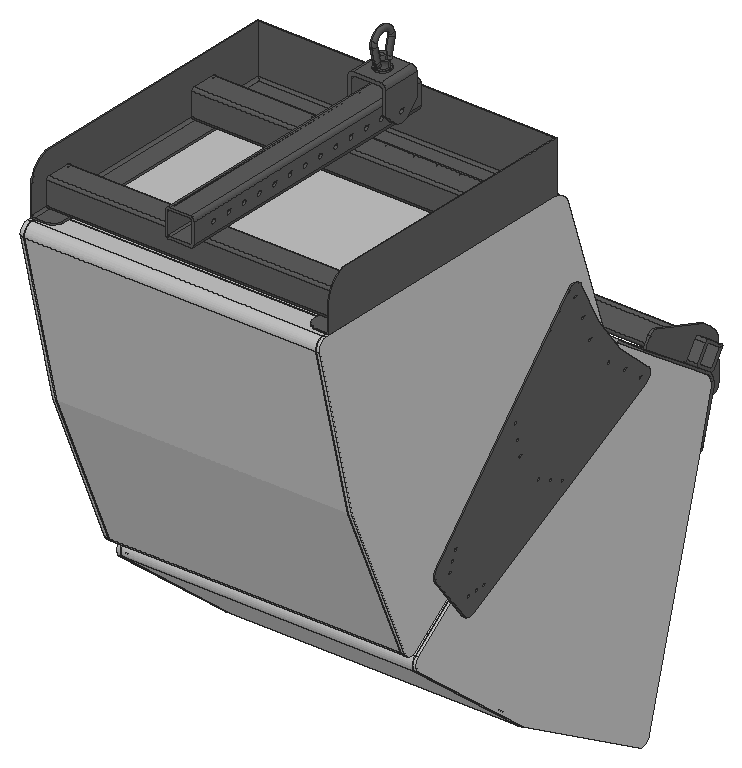
Revit family "Electronics_Community-Point-Source_Biamp_Beamforming-Venue-Horn_LVH_900AP", category Communication Devices, Revit 2020
Family settings
  Maintain Annotation Orientation = No
  Round Connector Dimension = Use Diameter
  Part Type = Normal
  OmniClass Number = 23.85.10.11.14.14.14
  Work Plane-Based = No
  Always vertical = Yes
  Cut with Voids When Loaded = No
  Shared = No
  Room Calculation Point = No
Parameters (values of type "LVH-909/AP WR")
  Width = 2' - 7.37795"  # constant formula
  Weight = 250.004 lbf
  URL = "https://www.biamp.com/"
  Transducers = "LF: 4 x 12 (300 mm) with 3 (75 mm) CCAW voice coil, inherently weather-resistant cone in cast aluminum chassis;MF: 3 x M200, 2 (51 mm) exit, ketone polymer diaphragm,compression driver; HF: 4 x 1.5 (38 mm) CCAW voice coil , 1 (25 mm) exit, ketone \r\npolymer diaphragm, compact neodymium compression driver"  # constant formula
  Speakers = LVH_900AP : LVH-909/AP WR
  Speaker 4 SB [instance] = Nom Position Pull Back Bar = 4  # no
  Speaker 3 SB [instance] = Nom Position Pull Back Bar = 3  # no
  Speaker 2 SB [instance] = Nom Position Pull Back Bar = 2  # no
  Speaker 1 SB [instance] = Nom Position Pull Back Bar = 1  # yes
  SB Type2 [instance] = and(Nom Position Pull Back Bar = 4, Pull Back Bar)  # no
  Recommended Amplifers = "LF: 4 Channels (2) ALC-1604D (Bridge Mode); MF & HF: 7 Channels   (2) ALC-404D"  # constant formula
  Rated Maximum SPL (Processed) = "20° pattern - 136 dB  continuous - 148 dB  peak; 80° pattern - 132 dB  continuous - 144 dB  peak; 100° pattern - 131 dB  continuous - 143 dB  peak"
  Rated Continuous Voltage = "LF - 50.1 V (34 dBV); MF - 20.0 V (26 dBV); HF - 15.8 V (24 dBV)"  # constant formula
  Pull Back Bar [instance] = yes
  Product data url = "https://www.bimobject.com/biamp/product/lvh900ap_community-point-source"
  Product Page URL = "https://www.biamp.com/products/product-families/community/point-source#lvh900ap"
  Product Documentation Link = "https://downloads.biamp.com/assets/docs/default-source/data-sheets/biamp_data_sheet_community_lvh-909ap.pdf"
  Position of Loudspeakers [instance] = 1
  Position 3 SB Type1 [instance] = and(Nom Position Pull Back Bar = 3, Pull Back Bar)  # no
  Position 2 SB Type1 [instance] = and(Nom Position Pull Back Bar = 2, Pull Back Bar)  # no
  Position 1 SB Type1 [instance] = and(Nom Position Pull Back Bar = 1, Pull Back Bar)  # yes
  Operation Environment = "Indoor and Outdoor\r\nOutdoor: IP56 per IEC 60529 when used with the input panel and seal cup cover plates; Weather resistant to IEC 60068-2-1 Cold, IEC 60068-2-2 Dry Heat, IEC 60068-2-6 Vibration, IEC 60068-2-30 Damp Heat, cyclic, IEC 60068-2-42 SO2, and IEC 60068-2-78 Damp Heat, steady state"  # constant formula
  Operating Range (-10dB) = "48 Hz to 20 kHz"  # constant formula
  Operating Mode = "Multi-Amplifer with FIR DSP Beamforming"  # constant formula
  Operating Environment = "Indoor or Outdoor Direct Exposure"  # constant formula
  Nominal Maximum SPL (Processed) = "20° pattern - 139 dB  continuous - 145 dB  peak; 80° pattern - 134 dB  continuous - 140 dB  peak; 100° pattern - 134 dB  continuous - 140 dB  peak"
  Nominal Continuous Power Handling = "LF1, LF2, LF3, LF4 (each) - 87 V (950 W, 8 Ω); MF 1, MF2, MF3 (each) - 26 V (130 W, 5 Ω); HF 1, HF2, HF3, HF4 (each) - 23 V, (65 W, 8 Ω)"  # constant formula
  Nominal Beamwidth = "Horizontal: 90°; Vertical: 100°, 80°, 20° Symmetrical (user selectable presets)"
  Nom Position Pull Back Bar [instance] = if(or(Position of Loudspeakers < 1, Position of Loudspeakers = 1), 1, if(and(Position of Loudspeakers > 1, Position of Loudspeakers < 4), Position of Loudspeakers, if(or(Position of Loudspeakers > 4, Position of Loudspeakers = 4), 4, 0)))  # 1
  Mounting Points = "(24) M10 rigging inserts per cabinet"  # constant formula
  Mount Material = Biamp - Metal - Black
  Model = "LVH-909/AP WR"
  Manufacturer = "Biamp"  # constant formula
  Lift Point [instance] = yes
  Input Connection = "Lever-actuated wire clamping 4, 6 and 8-position terminal blocks"  # constant formula
  Housing Material = Biamp - Plastic - Black
  Height = 3' - 1.32283"  # constant formula
  Grill Material = Biamp - Plastic - Black(Grid)
  Description = "LVH-900/AP Beamforming Venue Horn"  # constant formula
  Nom rotate LVH-900AF [instance] = if(or(Rotation Lift Point < -30.00°, Rotation Lift Point = -30.00°), -30.00°, if(and(Rotation Lift Point > -30.00°, Rotation Lift Point < 30.00°), Rotation Lift Point, if(or(Rotation Lift Point > 30.00°, Rotation Lift Point = 30.00°), 30.00°, 0.00°)))  # 0.00°
  Rotation Lift Point [instance] = 0.00°
  Position Lift Point [instance] = 0
  Offset LVH-900AF [instance] = if(Nom position Lift Point = 1, 0' 0", if(Nom position Lift Point = 2, 0' 2", if(Nom position Lift Point = 3, 0' 4", if(Nom position Lift Point = 4, 0' 6", if(Nom position Lift Point = 5, 0' 8", if(Nom position Lift Point = 6, 0' 10", if(Nom position Lift Point = 7, 1' 0", if(Nom position Lift Point = 8, 1' 2", if(Nom position Lift Point = 9, 1' 4", if(Nom position Lift Point = 10, 1' 6", if(Nom position Lift Point = 11, 1' 8", if(Nom position Lift Point = 12, 1' 10", if(Nom position Lift Point = 13, 2' 0", 0' 0")))))))))))))  # 0' - 0"
  Offset [instance] = if(Lift Point, 0' 7.3622", 0' 1.49606")  # 0' - 7.3622"
  Nom position Lift Point [instance] = if(or(Position Lift Point < 1, Position Lift Point = 1), 1, if(and(Position Lift Point > 1, Position Lift Point < 14), Position Lift Point, if(or(Position Lift Point > 14, Position Lift Point = 14), 13, 1)))  # 1
  Depth = 2' - 6.51181"  # constant formula
  Default Elevation = 0' - 0"
  Crossover Frequencies = "530 Hz,  1.84 kHz"  # constant formula
Types (4): name | Weight | Speakers | Rated Maximum SPL (Processed) | Product Documentation Link | Nominal Maximum SPL (Processed) | Nominal Beamwidth | Model
  LVH-906/AP | 250.004 lbf | LVH_900AP : LVH-906/AP | "20° pattern - 138 dB  continuous - 150 dB  peak; 80° pattern - 132 dB  continuous - 144 dB  peak; 100° pattern - 132 dB  continuous - 144 dB  peak" | "https://downloads.biamp.com/assets/docs/default-source/data-sheets/biamp_data_sheet_community_lvh-906ap.pdf" | "20° pattern - 140 dB  continuous - 146 dB  peak; 80° pattern - 135 dB  continuous - 141 dB  peak; 100° pattern - 135 dB  continuous - 141 dB  peak" | "Horizontal: 60°; Vertical: 100°, 80°, 20° Symmetrical (user selectable presets)" | "LVH-906/AP"
  LVH-906/AP WR | 210.101 lbf | LVH_900AP : LVH-906/AP WR | "20° pattern - 138 dB  continuous - 150 dB  peak; 80° pattern - 132 dB  continuous - 144 dB  peak; 100° pattern - 132 dB  continuous - 144 dB  peak" | "https://downloads.biamp.com/assets/docs/default-source/data-sheets/biamp_data_sheet_community_lvh-906ap.pdf" | "20° pattern - 140 dB  continuous - 146 dB  peak; 80° pattern - 135 dB  continuous - 141 dB  peak; 100° pattern - 135 dB  continuous - 141 dB  peak" | "Horizontal: 60°; Vertical: 100°, 80°, 20° Symmetrical (user selectable presets)" | "LVH-906/AP WR"
  LVH-909/AP | 250.004 lbf | LVH_900AP : LVH-909/AP | "20° pattern - 136 dB  continuous - 148 dB  peak; 80° pattern - 132 dB  continuous - 144 dB  peak; 100° pattern - 131 dB  continuous - 143 dB  peak" | "https://downloads.biamp.com/assets/docs/default-source/data-sheets/biamp_data_sheet_community_lvh-909ap.pdf" | "20° pattern - 139 dB  continuous - 145 dB  peak; 80° pattern - 134 dB  continuous - 140 dB  peak; 100° pattern - 134 dB  continuous - 140 dB  peak" | "Horizontal: 90°; Vertical: 100°, 80°, 20° Symmetrical (user selectable presets)" | "LVH-909/AP"
  LVH-909/AP WR | 250.004 lbf | LVH_900AP : LVH-909/AP WR | "20° pattern - 136 dB  continuous - 148 dB  peak; 80° pattern - 132 dB  continuous - 144 dB  peak; 100° pattern - 131 dB  continuous - 143 dB  peak" | "https://downloads.biamp.com/assets/docs/default-source/data-sheets/biamp_data_sheet_community_lvh-909ap.pdf" | "20° pattern - 139 dB  continuous - 145 dB  peak; 80° pattern - 134 dB  continuous - 140 dB  peak; 100° pattern - 134 dB  continuous - 140 dB  peak" | "Horizontal: 90°; Vertical: 100°, 80°, 20° Symmetrical (user selectable presets)" | "LVH-909/AP WR"
Reference planes (in)
  plane 1 "Center (Front/Back)": y = 0
  plane 2: z = 0
  plane 3 "Center (Left/Right)": x = 0
  plane 4: z = -7.3622047
Lines and regions (in)
  reference lines
    curve 1: line (0, 0, -7.3622047) -> (0, -11.8110236, -7.3622047)
    curve 2: line (0, 0, -7.3622047) -> (0, 0, -0.2755906)
    curve 3: line (-15.9409449, 11.6676709, -43.3552075) -> (-15.9409449, 11.4244825, -41.4027743)
    curve 4: line (-15.9409449, -8.6338719, -44.2412552) -> (-15.9409449, 9.7116855, -30.3689618)
    curve 5: line (-15.9409449, 7.6244678, -30.3673309) -> (-15.9409449, 6.912094, -29.4252448)
    curve 6: line (0, 19.711087, -39.7350527) -> (0, -2.2727017, -46.4961942)
    curve 7: line (-15.9409449, 3.3484678, -40.8625901) -> (-15.9409449, 2.4226011, -37.8521432)
    curve 8: line (-15.9409449, 7.2611195, -27.1281855) -> (-15.9409449, -11.0844379, -41.0004788)
    curve 9: line (-15.9409449, -6.6271705, -37.6300432) -> (-15.9409449, -2.1287932, -41.8109754)
Dimensions and locks (in)
  "Offset": plane 2 to plane 4
  "Offset LVH-900AF": nested 2 to curve 2
  "Nom rotate LVH-900AF": angle plane 4 to curve 1
  aligned and locked: level to plane 2
  aligned and locked: plane 4 to curve 1
  aligned and locked: plane 1 "Center (Front/Back)" to curve 1
Automatic sketch dimensions
  curve 2 to curve 1 = 0' - 0"  (x2)
  curve 2 to curve 1 = 0' - 7.08661"
  curve 3 to curve 3 = 0' - 1.90052"
  curve 3 to curve 3 = 0' - 0.50908"
  curve 5 to curve 4 = 0' - 1.66385"
  curve 4 to curve 5 = 0' - 1.26019"
  curve 5 to curve 5 = 0' - 1.1811"
  curve 7 to curve 7 = 0' - 3.10176"
  curve 7 to curve 7 = 0' - 0.54692"
  curve 8 to curve 9 = 0' - 0"
  curve 9 to curve 8 = 0' - 6.65447"
  curve 9 to curve 8 = 0' - 5.58812"
  curve 8 to curve 9 = 0' - 6.04801"
  plane 1 "Center (Front/Back)" to curve 6 = 0' - 2.2727"
  curve 6 to plane 1 "Center (Front/Back)" = 1' - 7.71109"
  curve 6 to plane 4 = 2' - 8.37285"
  curve 6 to curve 6 = 0' - 6.76114"
Nested families (in)
  nested 1: "LIFT POINT" at (0, 0, -0.0107047) x (0, 1, 0) z (0, 0, 1), visible <- "Lift Point", type "LIFT POINT"
  nested 2: "LVH-900AF" at (0, -11.6377953, -11.9685039) x (0, -1, 0) z (0, 0, 1), type "LVH-900AF"
  nested 3: "LVH_900AP" at (0, -11.8566219, -11.9685039) x (-1, 0, 0) z (0, 0, -1), type <- "Speakers", type "LVH-909/AP WR"
  nested 4: "Splay Bracket Type 2" at (-15.6889764, -8.3891972, -47.6396038) x (0, 0.7706, 0.6374) z (-1, 0, 0), visible <- "Speaker 4 SB", type "Splay Bracket Type 2"
  nested 5: "Splay Bracket Type 2" at (15.6889764, -11.0844379, -41.0004788) x (0, 0.9968, 0.0801) z (1, 0, 0), visible <- "Speaker 4 SB", type "Splay Bracket Type 2"
  nested 6: "LVH_900AP" at (0, -0.3326296, -44.849924) x (-1, 0, 0) z (0, 0.1236, -0.9923), visible <- "Speaker 4 SB", type <- "Speakers", type "LVH-909/AP WR"
  nested 7: "Splay Bracket Type 1" at (-15.6889764, -11.052464, -43.5232072) x (0, 0.7976, 0.6031) z (-1, 0, 0), visible <- "Speaker 1 SB", type "Splay Bracket Type 1"
  nested 8: "Splay Bracket Type 1" at (15.6889764, -11.052464, -43.5232072) x (0, 0.7976, 0.6031) z (1, 0, 0), visible <- "Speaker 1 SB", type "Splay Bracket Type 1"
  nested 9: "LVH_900AP" at (0, -2.8311488, -38.2735165) x (-1, 0, 0) z (0, 0.6031, -0.7976), visible <- "Speaker 1 SB", type <- "Speakers", type "LVH-909/AP WR"
  nested 10: "Splay Bracket Type 1" at (-15.6889764, -12.5280702, -45.2062074) x (0, 0.8902, 0.4555) z (-1, 0, 0), visible <- "Speaker 2 SB", type "Splay Bracket Type 1"
  nested 11: "Splay Bracket Type 1" at (15.6889764, -12.5280702, -45.2062074) x (0, 0.8902, 0.4555) z (1, 0, 0), visible <- "Speaker 2 SB", type "Splay Bracket Type 1"
  nested 12: "LVH_900AP" at (0, -0.5610978, -42.0649819) x (-1, 0, 0) z (0, 0.294, -0.9558), visible <- "Speaker 2 SB", type <- "Speakers", type "LVH-909/AP WR"
  nested 13: "Splay Bracket Type 1" at (-15.6889764, 10.7233097, -27.4623523) x (0, -0.742, -0.6704) z (-1, 0, 0), visible <- "Speaker 3 SB", type "Splay Bracket Type 1"
  nested 14: "Splay Bracket Type 1" at (15.6889764, 10.7233097, -27.4623523) x (0, -0.742, -0.6704) z (1, 0, 0), visible <- "Speaker 3 SB", type "Splay Bracket Type 1"
  nested 15: "LVH_900AP" at (0, -0.1639949, -39.6969961) x (-1, 0, 0) z (0, 0.7325, -0.6808), visible <- "Speaker 3 SB", type <- "Speakers", type "LVH-909/AP WR"
  nested 16: "Pull Back Bar" at (0, 20.0867066, -51.994014) x (-1, 0, 0) z (0, 0.9015, 0.4329), visible <- "SB Type2", type "Pull Back Bar"
  nested 17: "Pull Back Bar" at (0, 20.0709705, -32.046278) x (-1, 0, 0) z (0, 0.4124, 0.911), visible <- "Position 3 SB Type1", type "Pull Back Bar"
  nested 18: "Pull Back Bar" at (0, 20.7882974, -45.556491) x (-1, 0, 0) z (0, 0.8126, 0.5828), visible <- "Position 2 SB Type1", type "Pull Back Bar"
  nested 19: "Pull Back Bar" at (0, 18.4248868, -34.2525387) x (-1, 0, 0) z (0, 0.5643, 0.8256), visible <- "Position 1 SB Type1", type "Pull Back Bar"
Definition of nested family "LIFT POINT"
  Parameters (values of type "LIFT POINT")
    Mount Material = none
    Height = 0' - 0"
    Default Elevation = 0' - 0"
  Reference planes (in)
    plane 1 "Center (Front/Back)": y = 0
    plane 2: z = 0
    plane 3 "Center (Left/Right)": x = 0
    plane 4: z = -7.3346457
  Forms (in)
    Extrusion 1, solid, material <- "Mount Material"
      sketch origin (0, 0, 0) x (0, 1, 0) y (0, 0, 1)
        loop
          line (2, -8.4251969) -> (2, -4.5787402)
          arc (2, -4.5787402) -> (1.8270316, -4.1611574) -> (1.4094488, -3.988189) r 0.5905512
          line (1.4094488, -3.988189) -> (-1.4094488, -3.988189)
          arc (-1.4094488, -3.988189) -> (-1.8270316, -4.1611574) -> (-2, -4.5787402) r 0.5905512
          line (-2, -4.5787402) -> (-2, -8.4251969) -> (-1.6259843, -8.4251969) -> (-1.6259843, -4.6435066)
          arc (-1.6259843, -4.6435066) -> (-1.5435929, -4.4445961) -> (-1.3446824, -4.3622047) r 0.2813018
          line (-1.3446824, -4.3622047) -> (1.3446824, -4.3622047)
          arc (1.3446824, -4.3622047) -> (1.5435929, -4.4445961) -> (1.6259843, -4.6435066) r 0.2813018
          line (1.6259843, -4.6435066) -> (1.6259843, -8.4251969) -> (2, -8.4251969)
      from -2 to 2
    Sweep 2, void
      path origin (0, 0, 0) x (1, 0, 0) y (0, 1, 0)
        loop
          line (0, -2) -> (0, 2)
      profile origin (0, 0, 0) x (-1, 0, 0) y (0, 0, 1)
        loop
          line (2.0277653, -6.9982377) -> (1.0256403, -8.0003627)
          arc (1.0256403, -8.0003627) -> (0, -8.4251969) -> (-1.0256403, -8.0003627) r 1.4504744
          line (-1.0256403, -8.0003627) -> (-2.0277653, -6.9982377) -> (-2.0277653, -8.5730409) -> (2.0277653, -8.5730409) -> (2.0277653, -6.9982377)
    Revolve 3, solid, material <- "Mount Material"
      sketch origin (0, 0, 0) x (0, 1, 0) y (0, 0, 1)
        loop
          line (0, -2.6144967) -> (-0.3937008, -2.6144967) -> (-0.3937008, -3.0081975) -> (-0.7874016, -3.0081975)
          arc (-0.7874016, -3.0081975) -> (-0.6196239, -3.378388) -> (-0.6506707, -3.7836367) r 0.8182131
          line (-0.6506707, -3.7836367) -> (-0.6506707, -3.8962349) -> (-0.8475211, -3.8962349) -> (-0.8475211, -3.988189) -> (-0.3937008, -3.988189) -> (-0.3937008, -4.5787402) -> (0, -4.5787402) -> (0, -2.6144967)
        axis (0, -2.6144967) -> (0, -4.5787402)
      angle from 0 to 360
    Sweep 4, solid, material <- "Mount Material"
      path origin (0, 0, 0) x (1, 0, 0) y (0, 0, 1)
        loop
          arc (-0.2135378, -3.5265549) -> (-0.4440086, -3.4473407) -> (-0.6419298, -3.3051476) r 0.8377639
          arc (-0.6419298, -3.3051476) -> (-0.7218316, -3.201791) -> (-0.7691498, -3.0800213) r 0.456012
          line (-0.7691498, -3.0800213) -> (-1.1517587, -1.42276)
          arc (-1.1517587, -1.42276) -> (-1.16625, -1.225671) -> (-1.1205043, -1.0334175) r 0.6462608
          arc (-1.1205043, -1.0334175) -> (0, -0.2801733) -> (1.1205043, -1.0334175) r 1.2100371
          arc (1.1205043, -1.0334175) -> (1.16625, -1.225671) -> (1.1517587, -1.42276) r 0.6462608
          line (1.1517587, -1.42276) -> (0.7691498, -3.0800213)
          arc (0.7691498, -3.0800213) -> (0.7218316, -3.201791) -> (0.6419298, -3.3051476) r 0.456012
          arc (0.6419298, -3.3051476) -> (0.4440086, -3.4473407) -> (0.2135378, -3.5265549) r 0.8377639
      profile origin (-0.9604542, 0, -2.2513907) x (-0.97437, 0, -0.224951) y (0, -1, 0)
        loop
          circle (0, 0) r 0.2755906
    Sweep 5, void
      path origin (0, 0, 0) x (1, 0, 0) y (0, 1, 0)
        loop
          line (0, -2) -> (0, 2)
      profile origin (0, 0, 0) x (-1, 0, 0) y (0, 0, 1)
        loop
          circle (0, -7.3516683) r 0.3149606
  Cuts and joins
    Sweep 2, Sweep 5 cuts Extrusion 1
    Sweep 5 cuts Revolve 3
    Sweep 5 cuts Sweep 4
    joined: Extrusion 1, Revolve 3, Sweep 4
  Dimensions and locks (in)
    aligned and locked: level to plane 2
Definition of nested family "LVH-900AF"
  Parameters (values of type "LVH-900AF")
    Mount Material = none
    Height = 0' - 0"
    Default Elevation = 4' - 0"
  Reference planes (in)
    plane 1 "Center (Front/Back)": y = 0
    plane 2: z = 0
    plane 3 "Center (Left/Right)": x = 0
  Forms (in)
    Sweep 1, solid
      path origin (0, 0, 0) x (1, 0, 0) y (0, 1, 0)
        loop
          line (14.8818898, 15.6476378) -> (-14.8818898, 15.6476378) -> (-14.8818898, -15.6476378) -> (14.8818898, -15.6476378)
      profile origin (0, 15.6476378, 0) x (0, -1, 0) y (0, 0, 1)
        loop
          line (0, 0) -> (2.5590551, 0) -> (2.5590551, 0.1181102) -> (0.384194, 0.1181102)
          arc (0.384194, 0.1181102) -> (0.1960444, 0.1960444) -> (0.1181102, 0.384194) r 0.2660838
          line (0.1181102, 0.384194) -> (0.1181102, 5.503937) -> (0, 5.503937) -> (0, 0)
    Extrusion 2, void
      sketch origin (0, 0, 0) x (1, 0, 0) y (0, 0, 1)
        loop
          line (14.8818898, 6.6850394) -> (12.9133858, 6.6850394) -> (12.9133858, 5.503937)
          arc (12.9133858, 5.503937) -> (14.3048942, 4.6161021) -> (14.8818898, 3.0696149) r 2.6010018
          line (14.8818898, 3.0696149) -> (14.8818898, 6.6850394)
      from -18.0425171 to 17.4985711
    Extrusion 3, void
      sketch origin (0, 0, 0) x (1, 0, 0) y (0, 1, 0)
        loop
          arc (13.9951646, -13.0885827) -> (14.6353679, -13.5558058) -> (14.8818898, -14.3090551) r 1.2908668
          line (14.8818898, -14.3090551) -> (14.8818898, -15.5295276) -> (15.8661417, -15.5295276) -> (15.8661417, -13.0885827) -> (13.9951646, -13.0885827)
        loop
          line (13.9951646, 13.0885827) -> (15.8661417, 13.0885827) -> (15.8661417, 15.5295276) -> (14.8818898, 15.5295276) -> (14.8818898, 14.3090551)
          arc (14.8818898, 14.3090551) -> (14.6353679, 13.5558058) -> (13.9951646, 13.0885827) r 1.2908668
      from 0 to 9.8425197
    Extrusion 4, solid
      sketch origin (0, 0, 0) x (1, 0, 0) y (0, 0, 1)
        loop
          arc (10.3366593, 3.1102362) -> (10.1264441, 3.0231622) -> (10.0393701, 2.812947) r 0.2972892
          line (10.0393701, 2.812947) -> (10.0393701, 0.4153995)
          arc (10.0393701, 0.4153995) -> (10.1264441, 0.2051842) -> (10.3366593, 0.1181102) r 0.2972892
          line (10.3366593, 0.1181102) -> (12.7342068, 0.1181102)
          arc (12.7342068, 0.1181102) -> (12.9444221, 0.2051842) -> (13.0314961, 0.4153995) r 0.2972892
          line (13.0314961, 0.4153995) -> (13.0314961, 2.812947)
          arc (13.0314961, 2.812947) -> (12.9444221, 3.0231622) -> (12.7342068, 3.1102362) r 0.2972892
          line (12.7342068, 3.1102362) -> (10.3366593, 3.1102362)
        loop
          arc (10.2755906, 0.4153995) -> (10.2934772, 0.3722173) -> (10.3366593, 0.3543307) r 0.0610688
          line (10.3366593, 0.3543307) -> (12.7342068, 0.3543307)
          arc (12.7342068, 0.3543307) -> (12.777389, 0.3722173) -> (12.7952756, 0.4153995) r 0.0610688
          line (12.7952756, 0.4153995) -> (12.7952756, 2.812947)
          arc (12.7952756, 2.812947) -> (12.777389, 2.8561291) -> (12.7342068, 2.8740157) r 0.0610688
          line (12.7342068, 2.8740157) -> (10.3366593, 2.8740157)
          arc (10.3366593, 2.8740157) -> (10.2934772, 2.8561291) -> (10.2755906, 2.812947) r 0.0610688
          line (10.2755906, 2.812947) -> (10.2755906, 0.4153995)
        loop
          line (-6.2815412, 3.1102362) -> (-8.6790887, 3.1102362)
          arc (-8.6790887, 3.1102362) -> (-8.8893039, 3.0231622) -> (-8.976378, 2.812947) r 0.2972892
          line (-8.976378, 2.812947) -> (-8.976378, 0.4153995)
          arc (-8.976378, 0.4153995) -> (-8.8893039, 0.2051842) -> (-8.6790887, 0.1181102) r 0.2972892
          line (-8.6790887, 0.1181102) -> (-6.2815412, 0.1181102)
          arc (-6.2815412, 0.1181102) -> (-6.071326, 0.2051842) -> (-5.984252, 0.4153995) r 0.2972892
          line (-5.984252, 0.4153995) -> (-5.984252, 2.812947)
          arc (-5.984252, 2.812947) -> (-6.071326, 3.0231622) -> (-6.2815412, 3.1102362) r 0.2972892
        loop
          line (-6.2204724, 0.4153995) -> (-6.2204724, 2.812947)
          arc (-6.2204724, 2.812947) -> (-6.2383591, 2.8561291) -> (-6.2815412, 2.8740157) r 0.0610688
          line (-6.2815412, 2.8740157) -> (-8.6790887, 2.8740157)
          arc (-8.6790887, 2.8740157) -> (-8.7222709, 2.8561291) -> (-8.7401575, 2.812947) r 0.0610688
          line (-8.7401575, 2.812947) -> (-8.7401575, 0.4153995)
          arc (-8.7401575, 0.4153995) -> (-8.7222709, 0.3722173) -> (-8.6790887, 0.3543307) r 0.0610688
          line (-8.6790887, 0.3543307) -> (-6.2815412, 0.3543307)
          arc (-6.2815412, 0.3543307) -> (-6.2383591, 0.3722173) -> (-6.2204724, 0.4153995) r 0.0610688
      from -15.5295276 to 15.5295276
    Extrusion 5, solid
      sketch origin (0, 0, 0) x (0, 1, 0) y (0, 0, 1)
        loop
          line (1.1023622, 6.1023622) -> (-1.1023622, 6.1023622)
          arc (-1.1023622, 6.1023622) -> (-1.3807507, 5.9870499) -> (-1.496063, 5.7086614) r 0.3937008
          line (-1.496063, 5.7086614) -> (-1.496063, 3.503937)
          arc (-1.496063, 3.503937) -> (-1.3807507, 3.2255485) -> (-1.1023622, 3.1102362) r 0.3937008
          line (-1.1023622, 3.1102362) -> (1.1023622, 3.1102362)
          arc (1.1023622, 3.1102362) -> (1.3807507, 3.2255485) -> (1.496063, 3.503937) r 0.3937008
          line (1.496063, 3.503937) -> (1.496063, 5.7086614)
          arc (1.496063, 5.7086614) -> (1.3807507, 5.9870499) -> (1.1023622, 6.1023622) r 0.3937008
        loop
          line (1.2598425, 3.503937) -> (1.2598425, 5.7086614)
          arc (1.2598425, 5.7086614) -> (1.2137176, 5.8200168) -> (1.1023622, 5.8661417) r 0.1574803
          line (1.1023622, 5.8661417) -> (-1.1023622, 5.8661417)
          arc (-1.1023622, 5.8661417) -> (-1.2137176, 5.8200168) -> (-1.2598425, 5.7086614) r 0.1574803
          line (-1.2598425, 5.7086614) -> (-1.2598425, 3.503937)
          arc (-1.2598425, 3.503937) -> (-1.2137176, 3.3925816) -> (-1.1023622, 3.3464567) r 0.1574803
          line (-1.1023622, 3.3464567) -> (1.1023622, 3.3464567)
          arc (1.1023622, 3.3464567) -> (1.2137176, 3.3925816) -> (1.2598425, 3.503937) r 0.1574803
      from -14.7637795 to 14.8818898
    Extrusion 6, void
      sketch origin (0, 0, 0) x (1, 0, 0) y (0, 0, 1)
        loop
          circle (12.3622047, 4.6062992) r 0.3149606
        loop
          circle (10.3622047, 4.6062992) r 0.3149606
        loop
          circle (8.3622047, 4.6062992) r 0.3149606
        loop
          circle (6.3622047, 4.6062992) r 0.3149606
        loop
          circle (4.3622047, 4.6062992) r 0.3149606
        loop
          circle (2.3622047, 4.6062992) r 0.3149606
        loop
          circle (0.3622047, 4.6062992) r 0.3149606
        loop
          circle (-1.6377953, 4.6062992) r 0.3149606
        loop
          circle (-3.6377953, 4.6062992) r 0.3149606
        loop
          circle (-5.6377953, 4.6062992) r 0.3149606
        loop
          circle (-7.6377953, 4.6062992) r 0.3149606
        loop
          circle (-9.6377953, 4.6062992) r 0.3149606
        loop
          circle (-11.6377953, 4.6062992) r 0.3149606
      from -2.7015289 to 2.3821151
  Cuts and joins
    Extrusion 2, Extrusion 3 cuts Sweep 1
    Extrusion 6 cuts Extrusion 5
  Lines and regions (in)
    reference lines
      curve 1: line (-11.6377953, 0, 2.1653543) -> (-11.6377953, 0, 7.0866142)
  Dimensions and locks (in)
    aligned and locked: level to plane 2
Definition of nested family "LVH_900AP"
  Parameters (values of type "LVH-906/AS WR")
    Width = 2' - 7.37795"  # constant formula
    Weight = 210.101 lbf
    URL = "https://www.biamp.com/"
    Transducers = "LF: 4 x 12 (300 mm) with 3 (75 mm) CCAW voice coil,inherently weather-resistant cone in cast aluminum chassis MF: 3 x M200, 2 (51 mm) exit, ketone polymer diaphragm,compression driver HF: 4 x 1.5 (38 mm) CCAW voice coil , 1 (25 mm) exit, ketone \r\npolymer diaphragm, compact neodymium compression driver"  # constant formula
    Recommended Amplifers = "LF: 2 Channels ALC-1604D (Bridge Mode) MF & HF: 4 Channels   ALC-404D"  # constant formula
    Rated Maximum SPL (Processed) = "20° pattern - 131dB - continuous 143  dB  peak; 40° pattern - 131 dB - continuous 143  dB  peak; 60° pattern - 131 dB  continuous - 143 dB  peak"
    Rated Continuous Voltage = "LF - 50.1 V (34 dBV); MF - 20.0 V (26 dBV); HF - 15.8 V (24 dBV)"  # constant formula
    Product data url = "https://www.bimobject.com/biamp/product/lvh900as_community-point-source"
    Product Page URL = "https://www.biamp.com/products/product-families/community/point-source#lvh900as"
    Product Documentation Link = "https://downloads.biamp.com/assets/docs/default-source/data-sheets/biamp_data_sheet_community-lvh909as.pdf?sfvrsn=2a57a67_34&_ga=2.245606404.1866154534.1678614035-556789326.1676638886"
    Operation Environment = "Indoor and Outdoor; Outdoor: IP56 per IEC 60529 when used with the input panel and seal cup cover plates; Weather resistant to IEC 60068-2-1 Cold,IEC 60068-2-2 Dry Heat, IEC 60068-2-6 Vibration,IEC 60068-2-30 Damp Heat, cyclic, IEC 60068-2-42 SO2,and IEC 60068-2-78 Damp Heat, steady state"  # constant formula
    Operating Range (-10 dB) = "50 Hz to 20 kHz"  # constant formula
    Operating Mode = "Multi-Amplifer with FIR DSP Beamforming"  # constant formula
    Operating Environment = "Indoor or Outdoor Direct Exposure"  # constant formula
    Nominal Maximum SPL (Processed) = "20° pattern - 136 dB - continuous 142  dB  peak; 40° pattern - 136 dB - continuous 142  dB  peak; 60° pattern - 136 dB  continuous - 142  dB  peak"
    Nominal Continuous Power Handling = "LF (per pair) - 87 V (950 W, 8 Ω); MF 1  | MF 2 - 26 V (130 W, 5 Ω | 65 W, 10 Ω); HF (per pair) - 23 V, (65 W, 8 Ω)"  # constant formula
    Nominal Beamwidth = "Horizontal: 60°; Vertical: 60°, 40°, 20° Symmetrical (user selectable presets)"
    Mounting Points = "(24) M10 rigging inserts"  # constant formula
    Model = "LVH-906/AS WR"
    Manufacturer = "Biamp"  # constant formula
    Input Connection = "Lever-actuated wire clamping 4 and 8-position terminal blocks"  # constant formula
    Housing Material = none
    Height = 3' - 1.32283"  # constant formula
    Grill Material = none
    Finish = "Refer to the Technical Drawing (page 5)"  # constant formula
    Description = "LVH-900/AS Beamforming Venue Horn"  # constant formula
    Depth = 2' - 6.51181"  # constant formula
    Default Elevation = 4' - 0"
    Crossover Frequencies = "530 Hz,  1.84 kHz"  # constant formula
    Connector Description = "4 and 8-position terminal blocks"  # constant formula
  Types (4): name | Weight | Rated Maximum SPL (Processed) | Nominal Maximum SPL (Processed) | Nominal Beamwidth | Model
    LVH-909/AS | 250.004 lbf | "20° pattern - 130 dB - continuous 142  dB  peak; 40° pattern - 130 dB - continuous 142  dB  peak; 60° pattern - 130 dB  continuous - 142 dB  peak" | "20° pattern - 134 dB - continuous 140  dB  peak; 40° pattern - 133 dB - continuous 139  dB  peak; 60° pattern - 134 dB  continuous - 140  dB  peak" | "Horizontal: 90°; Vertical: 60°, 40°, 20° Symmetrical (user selectable presets)" | "LVH-909/AS"
    LVH-909/AS WR | 210.101 lbf | "20° pattern - 130 dB - continuous 142  dB  peak; 40° pattern - 130 dB - continuous 142  dB  peak; 60° pattern - 130 dB  continuous - 142 dB  peak" | "20° pattern - 134 dB - continuous 140  dB  peak; 40° pattern - 133 dB - continuous 139  dB  peak; 60° pattern - 134 dB  continuous - 140  dB  peak" | "Horizontal: 90°; Vertical: 60°, 40°, 20° Symmetrical (user selectable presets)" | "LVH-909/AS WR"
    LVH-906/AS | 250.004 lbf | "20° pattern - 131dB - continuous 143  dB  peak; 40° pattern - 131 dB - continuous 143  dB  peak; 60° pattern - 131 dB  continuous - 143 dB  peak" | "20° pattern - 136 dB - continuous 142  dB  peak; 40° pattern - 136 dB - continuous 142  dB  peak; 60° pattern - 136 dB  continuous - 142  dB  peak" | "Horizontal: 60°; Vertical: 60°, 40°, 20° Symmetrical (user selectable presets)" | "LVH-906/AS"
    LVH-906/AS WR | 210.101 lbf | "20° pattern - 131dB - continuous 143  dB  peak; 40° pattern - 131 dB - continuous 143  dB  peak; 60° pattern - 131 dB  continuous - 143 dB  peak" | "20° pattern - 136 dB - continuous 142  dB  peak; 40° pattern - 136 dB - continuous 142  dB  peak; 60° pattern - 136 dB  continuous - 142  dB  peak" | "Horizontal: 60°; Vertical: 60°, 40°, 20° Symmetrical (user selectable presets)" | "LVH-906/AS WR"
  Reference planes (in)
    plane 1 "Center (Front/Back)": y = 0
    plane 2: z = 0
    plane 3 "Center (Left/Right)": x = 0
    plane 4: through (0, 18.9235155, 15.3065487) normal (0, 0.6031, 0.7976)
    plane 5: through (0, 14.4396064, 1.94432) normal (0, 0.0001, 1)
  Forms (in)
    Extrusion 1, solid
      sketch origin (0, 0, 0) x (1, 0, 0) y (0, 1, 0)
        loop
          line (-48, 48) -> (-48, -48) -> (48, -48) -> (48, 48) -> (-48, 48)
      from 0 to -12
    Extrusion 2, solid, material <- "Housing Material", detail levels coarse
      sketch origin (0, 0, 0) x (0, 1, 0) y (0, 0, 1)
        loop
          arc (21.0589327, 14.6162068) -> (21.0719525, 15.7030491) -> (20.4478838, 16.5929558) r 1.7716535
          line (20.4478838, 16.5929558) -> (-3.3893514, 34.6178711)
          arc (-3.3893514, 34.6178711) -> (-4.1953244, 34.7938762) -> (-4.852132, 34.294703) r 0.984252
          arc (-4.852132, 34.294703) -> (-11.7831599, 18.1772258) -> (-15.9772744, 1.1413337) r 106.6238609
          arc (-15.9772744, 1.1413337) -> (-15.7545204, 0.3470096) -> (-15.0055217, 0.0012191) r 0.984252
          line (-15.0055217, 0.0012191) -> (14.8794469, -0.0012088)
          arc (14.8794469, -0.0012088) -> (15.9139929, 0.3321233) -> (16.5592005, 1.2068248) r 1.7716535
          line (16.5592005, 1.2068248) -> (21.0589327, 14.6162068)
      from -15.6889764 to 15.6889764
    Extrusion 3, solid, material <- "Housing Material", detail levels medium+fine
      sketch origin (0, 0, 0) x (0, 1, 0) y (0, 0, 1)
        loop
          arc (21.0589327, 14.6162068) -> (21.0719525, 15.7030491) -> (20.4478838, 16.5929558) r 1.7716535
          line (20.4478838, 16.5929558) -> (-1.6621935, 33.3118524) -> (-1.9432525, 33.0307934) -> (-3.6268093, 34.3038424)
          arc (-3.6268093, 34.3038424) -> (-4.1103931, 34.4094455) -> (-4.5044777, 34.1099415) r 0.5905512
          arc (-4.5044777, 34.1099415) -> (-11.4099132, 18.051977) -> (-15.5885413, 1.0789887) r 106.2301601
          arc (-15.5885413, 1.0789887) -> (-15.4548734, 0.6023759) -> (-15.0054417, 0.3949199) r 0.5905512
          line (-15.0054417, 0.3949199) -> (-12.8401674, 0.3949199) -> (-12.8401674, 0.0010432) -> (14.8794469, -0.0012088)
          arc (14.8794469, -0.0012088) -> (15.9139929, 0.3321233) -> (16.5592005, 1.2068248) r 1.7716535
          line (16.5592005, 1.2068248) -> (21.0589327, 14.6162068)
      from -15.2952756 to 15.2952756
    Extrusion 4, solid, material <- "Grill Material", detail levels medium+fine
      sketch origin (0, 0, 0) x (0, 1, 0) y (0, 0, 1)
        loop
          arc (-3.3893514, 34.6178711) -> (-4.1953244, 34.7938762) -> (-4.852132, 34.294703) r 0.984252
          arc (-4.852132, 34.294703) -> (-11.7831599, 18.1772258) -> (-15.9772744, 1.1413337) r 106.6238609
          arc (-15.9772744, 1.1413337) -> (-15.7544945, 0.3469792) -> (-15.0054417, 0.0012191) r 0.984252
          line (-15.0054417, 0.0012191) -> (-12.8401674, 0.0012191) -> (-12.8401674, 0.3949199) -> (-15.0054417, 0.3949199)
          arc (-15.0054417, 0.3949199) -> (-15.4548734, 0.6023759) -> (-15.5885413, 1.0789887) r 0.5905512
          arc (-15.5885413, 1.0789887) -> (-11.4099132, 18.051977) -> (-4.5044777, 34.1099415) r 106.2301601
          arc (-4.5044777, 34.1099415) -> (-4.1103931, 34.4094455) -> (-3.6268093, 34.3038424) r 0.5905512
          line (-3.6268093, 34.3038424) -> (-1.9432525, 33.0307934) -> (-1.6621935, 33.3118524) -> (-3.3893514, 34.6178711)
      from -15.2952756 to 15.2952756
    Extrusion 5, solid, material <- "Housing Material", detail levels medium+fine
      sketch origin (0, 0, 0) x (0, 1, 0) y (0, 0, 1)
        loop
          arc (21.0589327, 14.6162068) -> (21.0719525, 15.7030491) -> (20.4478838, 16.5929558) r 1.7716535
          line (20.4478838, 16.5929558) -> (-3.3893514, 34.6178711)
          arc (-3.3893514, 34.6178711) -> (-4.1953244, 34.7938762) -> (-4.852132, 34.294703) r 0.984252
          arc (-4.852132, 34.294703) -> (-11.7831599, 18.1772258) -> (-15.9772744, 1.1413337) r 106.6238609
          arc (-15.9772744, 1.1413337) -> (-15.7545204, 0.3470096) -> (-15.0055217, 0.0012191) r 0.984252
          line (-15.0055217, 0.0012191) -> (14.8794469, -0.0012088)
          arc (14.8794469, -0.0012088) -> (15.9139929, 0.3321233) -> (16.5592005, 1.2068248) r 1.7716535
          line (16.5592005, 1.2068248) -> (21.0589327, 14.6162068)
      from 15.2952756 to 15.6889764
    Extrusion 6, solid, material <- "Housing Material", detail levels medium+fine
      sketch origin (0, 0, 0) x (0, 1, 0) y (0, 0, 1)
        loop
          arc (21.0589327, 14.6162068) -> (21.0719525, 15.7030491) -> (20.4478838, 16.5929558) r 1.7716535
          line (20.4478838, 16.5929558) -> (-3.3893514, 34.6178711)
          arc (-3.3893514, 34.6178711) -> (-4.1953244, 34.7938762) -> (-4.852132, 34.294703) r 0.984252
          arc (-4.852132, 34.294703) -> (-11.7831599, 18.1772258) -> (-15.9772744, 1.1413337) r 106.6238609
          arc (-15.9772744, 1.1413337) -> (-15.7545204, 0.3470096) -> (-15.0055217, 0.0012191) r 0.984252
          line (-15.0055217, 0.0012191) -> (14.8794469, -0.0012088)
          arc (14.8794469, -0.0012088) -> (15.9139929, 0.3321233) -> (16.5592005, 1.2068248) r 1.7716535
          line (16.5592005, 1.2068248) -> (21.0589327, 14.6162068)
      from -15.6889764 to -15.2952756
    Extrusion 7, void
      sketch origin (0, 21.4643425, 15.824344) x (0, 0.318132, 0.948046) y (-1, 0, 0)
        loop
          arc (-7.5198356, -6.4891143) -> (-7.1022529, -6.3161458) -> (-6.9292845, -5.8985631) r 0.5905512
          line (-6.9292845, -5.8985631) -> (-6.9292845, -3.9300592)
          arc (-6.9292845, -3.9300592) -> (-7.1022529, -3.5124764) -> (-7.5198356, -3.339508) r 0.5905512
          line (-7.5198356, -3.339508) -> (-12.6379459, -3.339508)
          arc (-12.6379459, -3.339508) -> (-13.0555286, -3.5124764) -> (-13.2284971, -3.9300592) r 0.5905512
          line (-13.2284971, -3.9300592) -> (-13.2284971, -5.8985631)
          arc (-13.2284971, -5.8985631) -> (-13.0555286, -6.3161458) -> (-12.6379459, -6.4891143) r 0.5905512
          line (-12.6379459, -6.4891143) -> (-7.5198356, -6.4891143)
        loop
          arc (-7.5198356, 0.5974999) -> (-7.1022529, 0.7704683) -> (-6.9292845, 1.1880511) r 0.5905512
          line (-6.9292845, 1.1880511) -> (-6.9292845, 3.156555)
          arc (-6.9292845, 3.156555) -> (-7.1022529, 3.5741378) -> (-7.5198356, 3.7471062) r 0.5905512
          line (-7.5198356, 3.7471062) -> (-12.6379459, 3.7471062)
          arc (-12.6379459, 3.7471062) -> (-13.0555286, 3.5741378) -> (-13.2284971, 3.156555) r 0.5905512
          line (-13.2284971, 3.156555) -> (-13.2284971, 1.1880511)
          arc (-13.2284971, 1.1880511) -> (-13.0555286, 0.7704683) -> (-12.6379459, 0.5974999) r 0.5905512
          line (-12.6379459, 0.5974999) -> (-7.5198356, 0.5974999)
      from 0 to 2.8597506
    Extrusion 8, void
      sketch origin (0, 18.7531662, 16.7341224) x (0, 0.318132, 0.948046) y (-1, 0, 0)
        loop
          line (-8.0810696, -6.1723055) -> (-8.0810696, -3.6132504) -> (-9.0653216, -3.6132504) -> (-9.0653216, -6.1723055) -> (-8.0810696, -6.1723055)
        loop
          line (-11.6761292, -5.5376482) -> (-11.6761292, -4.3565459) -> (-13.054082, -4.3565459) -> (-13.054082, -5.5376482) -> (-11.6761292, -5.5376482)
      from 0 to 0.1351062
  Cuts and joins
    Extrusion 7, Extrusion 8 cuts Extrusion 2
    Extrusion 7, Extrusion 8 cuts Extrusion 3
  Lines and regions (in)
    Masking region 1
      outline origin (0, 0, 0) x (0, 1, 0) y (0, 0, 1)
        loop
          arc (-3.3893514, 34.6178711) -> (-4.1953244, 34.7938762) -> (-4.852132, 34.294703) r 0.984252
          arc (-4.852132, 34.294703) -> (-11.7831599, 18.1772258) -> (-15.9772744, 1.1413337) r 106.6238609
          arc (-15.9772744, 1.1413337) -> (-15.7544945, 0.3469792) -> (-15.0054417, 0) r 0.984252
          line (-15.0054417, 0) -> (14.9450265, 0)
          arc (14.9450265, 0) -> (15.9404407, 0.3515177) -> (16.5592005, 1.2068248) r 1.7716535
          line (16.5592005, 1.2068248) -> (21.0589327, 14.6162068)
          arc (21.0589327, 14.6162068) -> (21.0719525, 15.7030491) -> (20.4478838, 16.5929558) r 1.7716535
          line (20.4478838, 16.5929558) -> (-3.3893514, 34.6178711)
    Masking region 2
      outline origin (0, 0, 0) x (1, 0, 0) y (0, 1, 0)
        loop
          line (-15.6889764, 21.1509765) -> (-15.6889764, -1.6621935) -> (15.6889764, -1.6621935) -> (15.6889764, 21.1509765) -> (-15.6889764, 21.1509765)
    Masking region 3
      outline origin (0, 0, 0) x (1, 0, 0) y (0, 1, 0)
        loop
          line (-15.6889764, -1.6621935) -> (-15.6889764, -15.9896937) -> (15.6889764, -15.9896937) -> (15.6889764, -1.6621935) -> (-15.6889764, -1.6621935)
    Masking region 4
      outline origin (0, 0, 0) x (1, 0, 0) y (0, 1, 0)
        loop
          line (-15.2952756, -1.6621935) -> (-15.2952756, -15.5885413) -> (15.2952756, -15.5885413) -> (15.2952756, -1.6621935) -> (-15.2952756, -1.6621935)
    reference lines
      curve 1: line (0, 0.772184, 29.0319749) -> (0, -8.3168907, 1.9461687)
      curve 2: line (0, 9.8478498, 22.1692618) -> (0, 3.0613578, 1.9452443)
      curve 3: line (0, 18.9235155, 15.3065487) -> (0, 14.4396064, 1.94432)
      curve 4: line (0, 18.8090666, 7.9115158) -> (0, -11.7831599, 18.1772258)
  Dimensions and locks (in)
    aligned and locked: plane 2 to Extrusion 1
    aligned and locked: level to Extrusion 1
  Connectors (in)
    electrical at (4.892778, 15.8976705, 8.6493169)
      settings: on cut or joined group of Extrusion 3, Extrusion 7, Extrusion 8, index 1, voltage 0 V, apparent load 0 VA, apparent load phase1 0 VA, apparent load phase2 0 VA, apparent load phase3 0 VA, power factor 1, load classification none, number of poles 1, system type 5, power factor state 1, is connector primary yes, connector utility no, sub classification motor no, connector description ""
    electrical at (4.947097, 14.6913422, 5.0544103)
      settings: on cut or joined group of Extrusion 3, Extrusion 7, Extrusion 8, index 2, voltage 0 V, apparent load 0 VA, apparent load phase1 0 VA, apparent load phase2 0 VA, apparent load phase3 0 VA, power factor 1, load classification none, number of poles 1, system type 5, power factor state 1, is connector primary no, connector utility no, sub classification motor no, connector description ""
Definition of nested family "Splay Bracket Type 2"
  Parameters (values of type "Splay Bracket Type 2")
    Mount Material = none
    Default Elevation = 4' - 0"
  Reference planes (in)
    plane 1 "Center (Front/Back)": y = 0
    plane 2: z = 0
    plane 3 "Center (Left/Right)": x = 0
  Forms (in)
    Extrusion 1, solid, material <- "Mount Material"
      sketch origin (0, 0, 0) x (1, 0, 0) y (0, 1, 0)
        loop
          line (-1.6281063, -0.4922912) -> (0.5386304, -7.364302)
          arc (0.5386304, -7.364302) -> (0.9187709, -7.8827482) -> (1.5359667, -8.0626444) r 1
          line (1.5359667, -8.0626444) -> (25.4468161, -7.0186742)
          arc (25.4468161, -7.0186742) -> (26.2017036, -6.6216115) -> (26.3756662, -5.786596) r 1
          arc (26.3756662, -5.786596) -> (26.3572327, -5.7282821) -> (26.3307345, -5.6731627) r 0.4311929
          arc (26.3307345, -5.6731627) -> (22.4033644, 3.3072123) -> (20.4695462, 12.9161518) r 45.9606299
          arc (20.4695462, 12.9161518) -> (20.459637, 12.9765017) -> (20.4412894, 13.0348427) r 0.4311929
          arc (20.4412894, 13.0348427) -> (19.8198424, 13.6190665) -> (18.9737289, 13.5113355) r 1
          line (18.9737289, 13.5113355) -> (-1.211689, 0.6518061)
          arc (-1.211689, 0.6518061) -> (-1.614082, 0.1504348) -> (-1.6281063, -0.4922912) r 1
        loop
          circle (0, 0) r 0.2165354
        loop
          circle (9.7122834, 6.1874069) r 0.2165354
        loop
          circle (19.3982141, 12.3580253) r 0.2165354
        loop
          circle (2.1546636, -6.8337199) r 0.2165354
        loop
          circle (13.6594512, -6.33141) r 0.2165354
        loop
          circle (25.1330224, -5.8304631) r 0.2165354
      from 0 to 0.2519685
  Lines and regions (in)
    reference lines
      curve 1: line (0, 0, 0) -> (19.3982141, 12.3580253, 0)
      curve 2: line (0, 0, 0) -> (2.1546636, -6.8337199, 0)
      curve 3: line (25.1330224, -5.8304631, 0) -> (2.1546636, -6.8337199, 0)
  Dimensions and locks (in)
    aligned and locked: level to plane 2
Definition of nested family "Splay Bracket Type 1"
  Parameters (values of type "Splay Bracket Type 1")
    Mount Material = none
    Default Elevation = 4' - 0"
  Reference planes (in)
    plane 1 "Center (Front/Back)": y = 0
    plane 2: z = 0
    plane 3 "Center (Left/Right)": x = 0
  Forms (in)
    Extrusion 1, solid, material <- "Mount Material"
      sketch origin (0, 0, 0) x (1, 0, 0) y (0, 1, 0)
        loop
          line (0, 2.9030264) -> (0, -2.9030264)
          arc (0, -2.9030264) -> (0.2339556, -3.545814) -> (0.8263518, -3.8878341) r 1
          line (0.8263518, -3.8878341) -> (25.8775329, -8.3050332)
          arc (25.8775329, -8.3050332) -> (26.6515513, -8.1199477) -> (27.0453185, -7.4283492) r 1
          arc (27.0453185, -7.4283492) -> (27.046023, -7.3357324) -> (27.0281805, -7.2448477) r 0.4605196
          arc (27.0281805, -7.2448477) -> (25.9532848, 0) -> (27.0281805, 7.2448477) r 24.9527559
          arc (27.0281805, 7.2448477) -> (27.046023, 7.3357324) -> (27.0453185, 7.4283492) r 0.4605196
          arc (27.0453185, 7.4283492) -> (26.6515513, 8.1199477) -> (25.8775329, 8.3050332) r 1
          line (25.8775329, 8.3050332) -> (0.8263518, 3.8878341)
          arc (0.8263518, 3.8878341) -> (0.2339556, 3.545814) -> (0, 2.9030264) r 1
        loop
          circle (1.496063, 2.0314961) r 0.2165354
        loop
          circle (12.996063, 2.0314961) r 0.2165354
        loop
          circle (24.496063, 2.0314961) r 0.2165354
        loop
          circle (2.3450359, 2.5688976) r 0.2165354
        loop
          circle (13.8012749, 3.5711887) r 0.2165354
        loop
          circle (25.257514, 4.5734797) r 0.2165354
        loop
          circle (3.2007874, 3.0866142) r 0.2165354
        loop
          circle (14.5260766, 5.0835682) r 0.2165354
        loop
          circle (25.8513657, 7.0805223) r 0.2165354
        loop
          circle (1.496063, -2.0314961) r 0.2165354
        loop
          circle (12.996063, -2.0314961) r 0.2165354
        loop
          circle (24.496063, -2.0314961) r 0.2165354
        loop
          circle (2.3450359, -2.5688976) r 0.2165354
        loop
          circle (13.8012749, -3.5711887) r 0.2165354
        loop
          circle (25.257514, -4.5734797) r 0.2165354
        loop
          circle (3.2007874, -3.0866142) r 0.2165354
        loop
          circle (14.5260766, -5.0835682) r 0.2165354
        loop
          circle (25.8513657, -7.0805223) r 0.2165354
      from 0 to 0.2519685
  Lines and regions (in)
    reference lines
      curve 1: line (1.496063, 2.0314961, 0) -> (1.496063, -2.0314961, 0)
      curve 2: line (1.496063, 2.0314961, 0) -> (24.496063, 2.0314961, 0)
      curve 3: line (25.8513657, 7.0805223, 0) -> (3.2007874, 3.0866142, 0)
      curve 4: line (3.2007874, -3.0866142, 0) -> (3.2007874, 3.0866142, 0)
      curve 5: line (2.3450359, -2.5688976, 0) -> (2.3450359, 2.5688976, 0)
      curve 6: line (2.3450359, 2.5688976, 0) -> (25.257514, 4.5734797, 0)
      curve 7: line (2.3450359, -2.5688976, 0) -> (25.257514, -4.5734797, 0)
  Dimensions and locks (in)
    aligned and locked: level to plane 2
Definition of nested family "Pull Back Bar"
  Parameters (values of type "Pull Back Bar")
    Mount Material = none
    Default Elevation = 4' - 0"
  Reference planes (in)
    plane 1 "Center (Front/Back)": y = 0
    plane 2: z = 0
    plane 3 "Center (Left/Right)": x = 0
  Forms (in)
    Sweep 1, solid, material <- "Mount Material"
      path origin (0, 0, 0) x (1, 0, 0) y (0, 1, 0)
        loop
          line (-15.6889764, 0) -> (-13.0511811, 0)
      profile origin (-14.3700787, 0, 0) x (0, 1, 0) y (0, 0, 1)
        loop
          line (-5.2772904, 0.0002421) -> (4.6912135, -0.0005677) -> (4.6912135, 0.2514008) -> (-5.2772699, 0.2522107)
          arc (-5.2772699, 0.2522107) -> (-6.4589514, -0.1285287) -> (-7.1959219, -1.1276322) r 2.023622
          line (-7.1959219, -1.1276322) -> (-8.8617317, -6.0918122) -> (-8.6228539, -6.1719715) -> (-6.9570441, -1.2077915)
          arc (-6.9570441, -1.2077915) -> (-6.3118364, -0.3330899) -> (-5.2772904, 0.0002421) r 1.7716535
    Sweep 2, solid, material <- "Mount Material"
      path origin (0, 0, 0) x (-1, 0, 0) y (0, 1, 0)
        loop
          line (-15.6889764, 0) -> (-13.0511811, 0)
      profile origin (14.3700787, 0, 0) x (0, -1, 0) y (0, 0, 1)
        loop
          arc (5.2772904, 0.0002421) -> (6.3118364, -0.3330899) -> (6.9570441, -1.2077915) r 1.7716535
          line (6.9570441, -1.2077915) -> (8.6228539, -6.1719715) -> (8.8617317, -6.0918122) -> (7.1959219, -1.1276322)
          arc (7.1959219, -1.1276322) -> (6.4589514, -0.1285287) -> (5.2772699, 0.2522107) r 2.023622
          line (5.2772699, 0.2522107) -> (-4.6912135, 0.2514008) -> (-4.6912135, -0.0005677) -> (5.2772904, 0.0002421)
    Extrusion 3, solid, material <- "Mount Material"
      sketch origin (0, 0, 0) x (0, 1, 0) y (0, 0, 1)
        loop
          line (-3.9779046, 2.7519942) -> (-5.8469519, 2.7519942)
          arc (-5.8469519, 2.7519942) -> (-6.0700274, 2.6595933) -> (-6.1624282, 2.4365179) r 0.3154763
          line (-6.1624282, 2.4365179) -> (-6.1624282, 0.5674706)
          arc (-6.1624282, 0.5674706) -> (-6.0700274, 0.3443951) -> (-5.8469519, 0.2519942) r 0.3154763
          line (-5.8469519, 0.2519942) -> (-3.9779046, 0.2519942)
          arc (-3.9779046, 0.2519942) -> (-3.7548291, 0.3443951) -> (-3.6624282, 0.5674706) r 0.3154763
          line (-3.6624282, 0.5674706) -> (-3.6624282, 2.4365179)
          arc (-3.6624282, 2.4365179) -> (-3.7548291, 2.6595933) -> (-3.9779046, 2.7519942) r 0.3154763
        loop
          line (-3.9143967, 0.5674706) -> (-3.9143967, 2.4365179)
          arc (-3.9143967, 2.4365179) -> (-3.9329978, 2.4814247) -> (-3.9779046, 2.5000257) r 0.0635078
          line (-3.9779046, 2.5000257) -> (-5.8469519, 2.5000257)
          arc (-5.8469519, 2.5000257) -> (-5.8918587, 2.4814247) -> (-5.9104597, 2.4365179) r 0.0635078
          line (-5.9104597, 2.4365179) -> (-5.9104597, 0.5674706)
          arc (-5.9104597, 0.5674706) -> (-5.8918587, 0.5225637) -> (-5.8469519, 0.5039627) r 0.0635078
          line (-5.8469519, 0.5039627) -> (-3.9779046, 0.5039627)
          arc (-3.9779046, 0.5039627) -> (-3.9329978, 0.5225637) -> (-3.9143967, 0.5674706) r 0.0635078
      from -15.6889764 to 15.6889764
    Extrusion 4, solid, material <- "Mount Material"
      sketch origin (0, 0, 0) x (0, 1, 0) y (0, 0, 1)
        loop
          arc (2.4914418, 0.2519942) -> (2.665089, 0.8143112) -> (2.6733841, 1.402771) r 2.0689449
          arc (2.6733841, 1.402771) -> (2.4601994, 1.8754322) -> (2.020033, 2.149494) r 0.891434
          line (2.020033, 2.149494) -> (-3.5933268, 3.6535893)
          arc (-3.5933268, 3.6535893) -> (-5.2256334, 3.7650101) -> (-6.779126, 3.2516873) r 4.2510066
          arc (-6.779126, 3.2516873) -> (-6.8777873, 3.1805693) -> (-6.9582249, 3.0893466) r 0.5451212
          line (-6.9582249, 3.0893466) -> (-9.304303, -0.2612002)
          arc (-9.304303, -0.2612002) -> (-9.4683212, -0.9910546) -> (-9.0718729, -1.6254191) r 0.984252
          arc (-9.0718729, -1.6254191) -> (-8.3536542, -2.0156689) -> (-7.5613381, -2.2165871) r 3.2861992
          line (-7.5613381, -2.2165871) -> (-7.1959219, -1.1276322)
          arc (-7.1959219, -1.1276322) -> (-6.4710004, -0.1372614) -> (-5.3070306, 0.2519942) r 2.023622
          line (-5.3070306, 0.2519942) -> (-5.8469519, 0.2519942)
          arc (-5.8469519, 0.2519942) -> (-6.0700274, 0.3443951) -> (-6.1624282, 0.5674706) r 0.3154763
          line (-6.1624282, 0.5674706) -> (-6.1624282, 2.4365179)
          arc (-6.1624282, 2.4365179) -> (-6.0700274, 2.6595933) -> (-5.8469519, 2.7519942) r 0.3154763
          line (-5.8469519, 2.7519942) -> (-3.9779046, 2.7519942)
          arc (-3.9779046, 2.7519942) -> (-3.7548291, 2.6595933) -> (-3.6624282, 2.4365179) r 0.3154763
          line (-3.6624282, 2.4365179) -> (-3.6624282, 0.5674706)
          arc (-3.6624282, 0.5674706) -> (-3.7548291, 0.3443951) -> (-3.9779046, 0.2519942) r 0.3154763
          line (-3.9779046, 0.2519942) -> (2.4914418, 0.2519942)
      from -14.488189 to -14.2519685
    Extrusion 5, solid, material <- "Mount Material"
      sketch origin (0, 0, 0) x (0, 1, 0) y (0, 0, -1)
        loop
          line (2.4914418, -0.2519942) -> (-3.9779046, -0.2519942)
          arc (-3.9779046, -0.2519942) -> (-3.7548291, -0.3443951) -> (-3.6624282, -0.5674706) r 0.3154763
          line (-3.6624282, -0.5674706) -> (-3.6624282, -2.4365179)
          arc (-3.6624282, -2.4365179) -> (-3.7548291, -2.6595933) -> (-3.9779046, -2.7519942) r 0.3154763
          line (-3.9779046, -2.7519942) -> (-5.8469519, -2.7519942)
          arc (-5.8469519, -2.7519942) -> (-6.0700274, -2.6595933) -> (-6.1624282, -2.4365179) r 0.3154763
          line (-6.1624282, -2.4365179) -> (-6.1624282, -0.5674706)
          arc (-6.1624282, -0.5674706) -> (-6.0700274, -0.3443951) -> (-5.8469519, -0.2519942) r 0.3154763
          line (-5.8469519, -0.2519942) -> (-5.3070306, -0.2519942)
          arc (-5.3070306, -0.2519942) -> (-6.4710004, 0.1372614) -> (-7.1959219, 1.1276322) r 2.023622
          line (-7.1959219, 1.1276322) -> (-7.5613381, 2.2165871)
          arc (-7.5613381, 2.2165871) -> (-8.3536542, 2.0156689) -> (-9.0718729, 1.6254191) r 3.2861992
          arc (-9.0718729, 1.6254191) -> (-9.4683212, 0.9910546) -> (-9.304303, 0.2612002) r 0.984252
          line (-9.304303, 0.2612002) -> (-6.9582249, -3.0893466)
          arc (-6.9582249, -3.0893466) -> (-6.8777873, -3.1805693) -> (-6.779126, -3.2516873) r 0.5451212
          arc (-6.779126, -3.2516873) -> (-5.2256334, -3.7650101) -> (-3.5933268, -3.6535893) r 4.2510066
          line (-3.5933268, -3.6535893) -> (2.020033, -2.149494)
          arc (2.020033, -2.149494) -> (2.4601994, -1.8754322) -> (2.6733841, -1.402771) r 0.891434
          arc (2.6733841, -1.402771) -> (2.665089, -0.8143112) -> (2.4914418, -0.2519942) r 2.0689449
      from -14.488189 to -14.2519685
    Extrusion 6, solid, material <- "Mount Material"
      sketch origin (0, 0, 0) x (0, 1, 0) y (0, 0, 1)
        loop
          line (-3.6624282, 0.7874016) -> (-2.0938539, 0.7874016)
          arc (-2.0938539, 0.7874016) -> (-1.3793942, 1.168643) -> (-1.2983199, 1.9743878) r 0.8600819
          arc (-1.2983199, 1.9743878) -> (-2.5400526, 3.8455869) -> (-4.4024391, 5.1004983) r 5.766028
          arc (-4.4024391, 5.1004983) -> (-5.2329613, 5.0213704) -> (-5.6270209, 4.2860166) r 0.8831509
          line (-5.6270209, 4.2860166) -> (-5.6270209, 2.7519942) -> (-3.9779046, 2.7519942)
          arc (-3.9779046, 2.7519942) -> (-3.7548291, 2.6595933) -> (-3.6624282, 2.4365179) r 0.3154763
          line (-3.6624282, 2.4365179) -> (-3.6624282, 0.7874016)
      from 0.1181102 to -0.1181102
  Lines and regions (in)
    model lines
      curve 1: line (-14.3700787, 4.6912135, 0) -> (-14.3700787, 1.5416072, 0)
  Dimensions and locks (in)
    aligned and locked: level to plane 2
